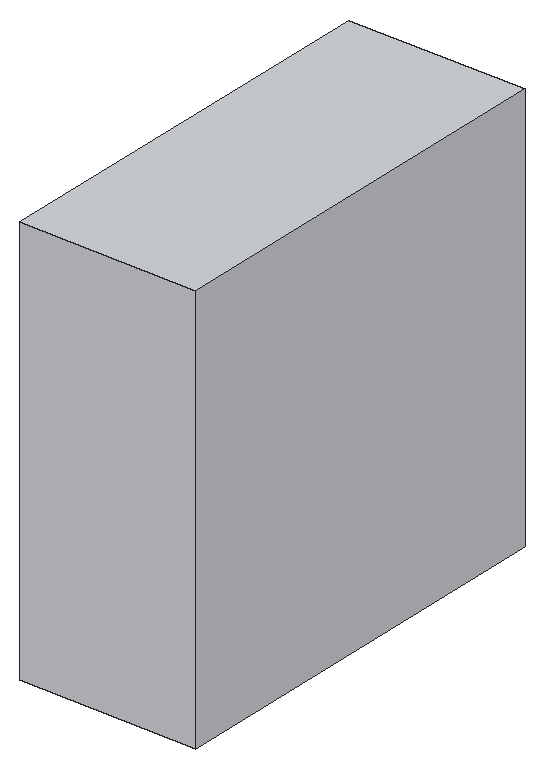
Revit family "0db9d0a7c0d74cd6a4e26ac5d91d1d06", category Duct Accessories, Revit 2021
Family settings
  Round Connector Dimension = Use Diameter
  Part Type = Damper
  OmniClass Number = 23.75.70.11.14.14
  OmniClass Title = Dampers for Air Ductwork
  Seek Item ID = Control Damper - Opposed Blade-0000-USA-ENU
  Work Plane-Based = No
  Always vertical = Yes
  Cut with Voids When Loaded = No
  Shared = No
Parameters (values of type "Standard")
  Width 1 [instance] = Blade Width / 4  # 0' - 3"
  Pressure Drop [instance] = 0.00 in-wg
  Duct Width [instance] = 12"
  Duct Height [instance] = 12"
  Default Elevation = 0' - 0"
  Damper Width [instance] = Duct Width + 0' 2"  # 1' - 2"
  Damper Material = none
  Damper Length = 0' - 6"
  Damper Height [instance] = Duct Height + 0' 2"  # 1' - 2"
  Blade Width [instance] = Duct Width  # 1' - 0"
  Blade Length [instance] = 0' - 4"
Reference planes (in)
  plane 1 "Center (Front/Back)": y = 0
  plane 2: z = 0
  plane 3 "Center (Left/Right)": x = 0
  plane 4: y = 7
  plane 5: x = 3
  plane 6: z = 7
  plane 7: z = -7
  plane 8: x = 0
  plane 9: x = 2
  plane 10: x = -2
  plane 11: y = 6
  plane 12: y = -6
  plane 13: y = -7
  plane 14: x = -3
Forms (in)
  Extrusion 1, solid, material <- "Damper Material"
    sketch origin (-6.25, 0, 0) x (1, 0, 0) y (0, 1, 0)
      loop
        line (3.25, 7) -> (3.25, -7) -> (9.25, -7) -> (9.25, 7) -> (3.25, 7)
    from -7 to 7
Lines and regions (in)
  symbolic lines, detail levels coarse+medium
    curve 1: line (2, 6, 0) -> (-2, 3, 0)
    curve 2: line (-2, 3, 0) -> (2, 0, 0)
    curve 3: line (2, 0, 0) -> (-2, -3, 0)
    curve 4: line (-2, -3, 0) -> (2, -6, 0)
Dimensions and locks (in)
  equal spacing: plane 6, plane 2, plane 7
  equal spacing: plane 10, plane 8, plane 9
  "Blade Width": plane 11 to plane 12
  equal spacing: plane 4, plane 1 "Center (Front/Back)", plane 13
  "Damper Width": plane 4 to plane 13
  "Width 1": plane 1 "Center (Front/Back)" to curve 2
  equal spacing: curve 4, plane 1 "Center (Front/Back)", curve 2
  "Damper Height": plane 7 to plane 6
  equal spacing: plane 11, plane 1 "Center (Front/Back)", plane 12
  "Blade Length": plane 10 to plane 9
  equal spacing: plane 14, plane 3 "Center (Left/Right)", plane 5
  "Damper Length": plane 14 to plane 5
  aligned and locked: plane 6 to Extrusion 1
  aligned and locked: plane 7 to Extrusion 1
  aligned and locked: plane 11 to curve 1
  aligned and locked: plane 9 to curve 1
  aligned and locked: plane 10 to curve 2
  aligned and locked: plane 10 to curve 4
  aligned and locked: plane 12 to curve 4
  aligned and locked: plane 9 to curve 4
  aligned and locked: plane 3 "Center (Left/Right)" to plane 8
  aligned and locked: plane 14 to Extrusion 1 sketch curve
  aligned and locked: Extrusion 1 sketch curve to plane 4
  aligned and locked: Extrusion 1 sketch curve to plane 5
  aligned and locked: Extrusion 1 sketch curve to plane 13
Automatic sketch dimensions
  curve 3 to plane 1 "Center (Front/Back)" = 0' - 0"
  curve 3 to plane 9 = 0' - 0"
  curve 3 to plane 10 = 0' - 0"
Connectors (in)
  hvac at (-3, 0, 0), driven by "Duct Height", driven by "Duct Width", driven by "Pressure Drop"
    settings: on Extrusion 1, index 1, duct flow 0 CFM, flow factor 0, pres drop 0.00 in-wg, loss coef 0, conn angle 0.00°, conn width 12", conn height 12", conn diameter 24", duct sys type 29, conn prof type 1, flow config 0, flow direction 0, loss method 4, conn ref index 2, conn util no, is conn primary yes, conn desc ""
  hvac at (3, 0, 0), driven by "Duct Height", driven by "Duct Width"
    settings: on Extrusion 1, index 2, duct flow 0 CFM, flow factor 0, pres drop 0.00 in-wg, loss coef 0, conn angle 0.00°, conn width 12", conn height 12", conn diameter 24", duct sys type 29, conn prof type 1, flow config 0, flow direction 0, loss method 4, conn ref index 1, conn util no, is conn primary no, conn desc ""
